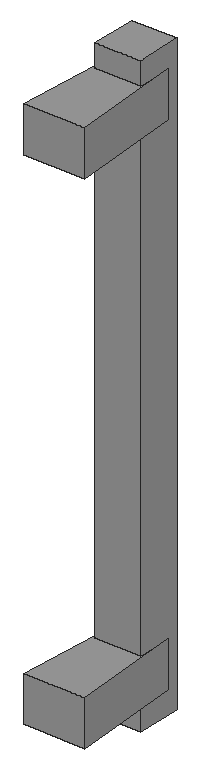
Revit family "DSQ55H 225", category Specialty Equipment, Revit 2012
Parameters
  Type Comments = "DORMA DSQ55H/225"
  Model = "DSQ55H/225"
  Manufacturer = "DORMA"
  Description = "DORMA DSQ55H/225"
Reference planes
  plane 1 "Center (Front/Back)": y = 0
  plane 2: z = 0
  plane 3 "Center (Left/Right)": x = 0
Forms (mm)
  Extrusion 1, solid, material "Matt chrome"
    sketch origin (0, 0, 10) x (1, 0, 0) y (0, 1, 0)
      loop
        line (-10, 50) -> (-13.496, 0) -> (13.496, 0) -> (10, 50) -> (10, 35) -> (-10, 35) -> (-10, 50)
    from 0 to 20
  Sweep 2, solid, material "Matt chrome"
    path origin (0, 0, -225) x (0, 1, 0) y (0, 0, 1)
      loop
        line (55, 225) -> (55, 490)
    profile origin (0, 55, 132.5) x (0, -1, 0) y (1, 0, 0)
      loop
        line (0, -10) -> (20, -10) -> (20, 10) -> (0, 10) -> (0, -10)
  Extrusion 3, solid, material "Matt chrome"
    sketch origin (0, 0, 235) x (1, 0, 0) y (0, 1, 0)
      loop
        line (-10, 50) -> (-13.496, 0) -> (13.496, 0) -> (10, 50) -> (10, 35) -> (-10, 35) -> (-10, 50)
    from 0 to 20
Dimensions and locks
  aligned and locked: level to plane 2
